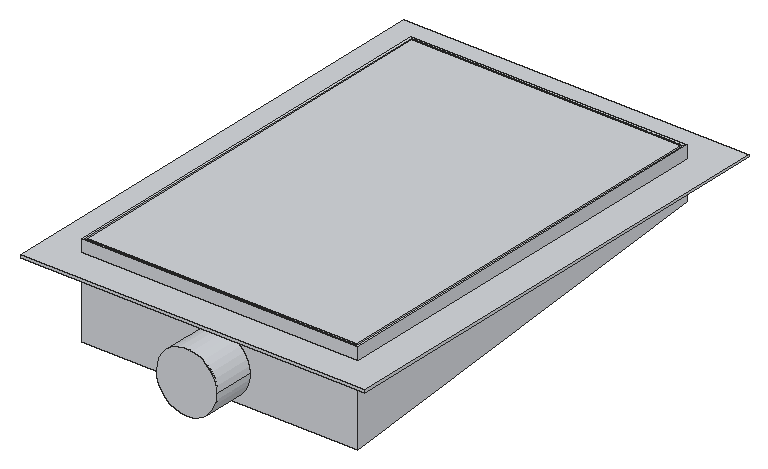
Revit family "Normentwässerungswanne Abgang seitlich", category Sanitärinstallationen, Revit 2020
Family settings
  Bemaßung runder Anschluss = Durchmesser verwenden
  Teiletyp = Normal
  Arbeitsebenenbasiert = Nein
  Immer vertikal = Ja
  Beim Laden mit Abzugskörper schneiden = Nein
  Gemeinsam genutzt = Nein
  Raumberechnungspunkt = Nein
Parameters (values of type "RS756.606.406W ohne Sifon")
  Vorgabe-Ansicht = 0 mm
  URL = "https://www.resitec.ch/"
  RS_yrohr [instance] = 80 mm  # constant formula
  RS_xrohr [instance] = B / 2  # 203 mm
  RS_s1 = 3 mm  # constant formula
  RS_habgang [instance] = RS_DN1d / 2  # 44.45 mm
  RS_hKR [instance] = H Kleberand  # 20 mm
  RS_dim001 = 5 mm  # constant formula
  RS_bKR [instance] = B Kleberand  # 50 mm
  RS_URL = ""
  RS_Manufacture = "Resitec"  # constant formula
  RS_Lrohr [instance] = L Rohr  # 60 mm
  RS_KRon [instance] = Kleberand  # yes
  RS_Description [instance] = ""
  RS_DN1d [instance] = if(RS_DN < 61 mm, 63.5 mm, if(RS_DN < 71 mm, 74.5 mm, if(RS_DN < 81 mm, 88.9 mm, 110 mm)))  # 88.9 mm
  RS_DN [instance] = DN  # 80 mm
  RS_Articelnumber [instance] = ""
  Lüftungsverbindung = no
  L Rohr [instance] = 60 mm  # constant formula
  L [instance] = 606 mm
  Kleberand [instance] = yes
  KW-Verbindung = no
  HW-Verbindung = no
  H Kleberand [instance] = 20 mm  # constant formula
  H [instance] = if(RS_DN = 80 mm, 135 mm, 160 mm)  # 135 mm
  G [instance] = if(RS_DN = 80 mm, 142 mm, 158 mm)  # 142 mm
  F [instance] = if(RS_DN = 80 mm, 91 mm, 105 mm)  # 91 mm
  E [instance] = if(RS_DN = 80 mm, 75 mm, 80 mm)  # 75 mm
  DN [instance] = 80 mm
  Besandet [instance] = yes
  Baugruppenkennzeichen = "D2030300"
  B Kleberand [instance] = 50 mm  # constant formula
  B [instance] = 406 mm
  Abwasserrohrverbindung = yes
Types (4, lengths in mm): name | RS_xrohr | RS_habgang | RS_DN1d | RS_DN | L | H | G | F | E | DN | B
  (no name) | 203 | 44.45 | 88.9 | 80 | 606 | 135 | 142 | 91 | 75 | 80 | 406
  RS756.606.406W ohne Sifon | 203 | 44.45 | 88.9 | 80 | 606 | 135 | 142 | 91 | 75 | 80 | 406
  RS756.806.506W ohne Sifon | 253 | 55 | 110 | 100 | 806 | 160 | 158 | 105 | 80 | 100 | 506
  RS756.1200.600W ohne Sifon | 300 | 55 | 110 | 100 | 1200 | 160 | 158 | 105 | 80 | 100 | 600
Reference planes
  plane 1 "Mitte (Vorne/hinten)": y = 0
  plane 2: z = 0
  plane 3 "Mitte (Links/rechts)": x = 0
  plane 4 "back": y = 303
  plane 5 "abgangseitlich": y = -303
  plane 6: x = -203
  plane 7: x = 203
  plane 8 "Ground": z = -135
  plane 9: y = 353
  plane 10: x = 253
  plane 11: y = -353
  plane 12: x = -253
  plane 13 "Kleberand": z = -20
  plane 14 "enderohr": z = -91
  plane 15: x = 0
  plane 16: y = -223
  plane 17: z = -9.383
  plane 18: y = -363
  plane 19: z = -233
  plane 20: z = -75
Forms (mm)
  Extrusion 1, solid
    sketch origin (0, 0, 0) x (1, 0, 0) y (0, 1, 0)
      loop
        line (-203, 303) -> (-203, -303) -> (203, -303) -> (203, 303) -> (-203, 303)
      loop
        line (-200, 300) -> (-200, -300) -> (200, -300) -> (200, 300) -> (-200, 300)
    from -20 to 0
  Extrusion 2, solid, visible <- "Kleberand"
    sketch origin (0, 0, -20) x (-1, 0, 0) y (0, -1, 0)
      loop
        line (253, -353) -> (253, 353) -> (-253, 353) -> (-253, -353) -> (253, -353)
      loop
        line (203, -303) -> (203, 303) -> (-203, 303) -> (-203, -303) -> (203, -303)
    from 0 to 3 <- "RS_s1"
  Extrusion 3, solid
    sketch origin (0, 0, 0) x (1, 0, 0) y (0, 1, 0)
      loop
        line (-198, 298) -> (-198, -298) -> (198, -298) -> (198, 298) -> (-198, 298)
    from -9.383 to 0
  Extrusion 4, solid
    sketch origin (-152.819, -303, 0) x (-1, 0, 0) y (0, 0, 1)
      loop
        circle (-152.819, -91) r 44.45
    from 80 to -60
  Blend 5, solid
    base sketch origin (0, -303, 0) x (-1, 0, 0) y (0, 0, 1)
      loop
        line (203, -20) -> (-203, -20) -> (-203, -75) -> (203, -75) -> (203, -20)
    top sketch origin (0, -303, 0) x (-1, 0, 0) y (0, 0, 1)
      loop
        line (203, -20) -> (-203, -20) -> (-203, -135) -> (203, -135) -> (203, -20)
    from 606 to 0
Dimensions and locks
  equal spacing: plane 6, plane 3 "Mitte (Links/rechts)", plane 7
  equal spacing: plane 4 "back", plane 1 "Mitte (Vorne/hinten)", plane 5 "abgangseitlich"
  "B": plane 6 to plane 7
  "L": plane 4 "back" to plane 5 "abgangseitlich"
  "H": level to plane 8 "Ground"
  "RS_bKR": plane 9 to plane 4 "back"
  "RS_bKR": plane 7 to plane 10
  "RS_bKR": plane 5 "abgangseitlich" to plane 11
  "RS_bKR": plane 12 to plane 6
  "RS_yrohr": plane 16 to plane 5 "abgangseitlich"
  "RS_hKR": level to plane 13 "Kleberand"
  "RS_xrohr": plane 6 to plane 15
  "RS_dim001": plane 4 "back" to Extrusion 3 sketch curve
  "RS_dim001": Extrusion 3 sketch curve to plane 5 "abgangseitlich"
  "RS_dim001": Extrusion 3 sketch curve to plane 7
  "RS_dim001": plane 6 to Extrusion 3 sketch curve
  locked: level to plane 17 at 9.383
  "RS_Lrohr": plane 5 "abgangseitlich" to plane 18
  "F": level to plane 14 "enderohr"
  "G": plane 14 "enderohr" to plane 19
  "E": level to plane 20
  "RS_s1": plane 4 "back" to Extrusion 1 sketch curve
  "RS_s1": Extrusion 1 sketch curve to plane 7
  "RS_s1": Extrusion 1 sketch curve to plane 5 "abgangseitlich"
  "RS_s1": plane 6 to Extrusion 1 sketch curve
  "RS_DN1d": diameter of Extrusion 4 sketch curve
  aligned and locked: level to plane 2
  aligned and locked: Extrusion 1 sketch curve to plane 4 "back"
  aligned and locked: plane 5 "abgangseitlich" to Extrusion 1 sketch curve
  aligned and locked: Extrusion 1 sketch curve to plane 7
  aligned and locked: plane 6 to Extrusion 1 sketch curve
  aligned and locked: level to Extrusion 1
  aligned and locked: Extrusion 2 sketch curve to plane 9
  aligned and locked: plane 12 to Extrusion 2 sketch curve
  aligned and locked: Extrusion 2 sketch curve to plane 10
  aligned and locked: Extrusion 2 sketch curve to plane 11
  aligned and locked: level to Extrusion 3
  aligned and locked: Extrusion 3 to plane 17
  aligned and locked: plane 2 to Extrusion 3
  aligned and locked: Extrusion 4 to plane 18
  aligned and locked: Extrusion 4 to plane 16
  aligned and locked: Extrusion 1 to plane 13 "Kleberand"
  aligned and locked: Blend 5 sketch curve to Extrusion 1
  aligned and locked: Blend 5 sketch curve to plane 6
  aligned and locked: Blend 5 sketch curve to plane 20
  aligned and locked: plane 7 to Blend 5 sketch curve  (x2)
  aligned and locked: Blend 5 sketch curve to var sketch  (x2)
  aligned and locked: Blend 5 sketch curve to plane 8 "Ground"
  aligned and locked: plane 4 "back" to Blend 5
  aligned and locked: Blend 5 to plane 5 "abgangseitlich"
Automatic sketch dimensions
  Extrusion 4 sketch curve to plane 14 "enderohr" = 0 mm
  Extrusion 4 sketch curve to plane 15 = 0 mm
  Extrusion 2 sketch curve to plane 5 "abgangseitlich" = 0 mm
  Extrusion 2 sketch curve to plane 7 = 0 mm
  Extrusion 2 sketch curve to plane 4 "back" = 0 mm
  Extrusion 2 sketch curve to plane 6 = 0 mm
Connectors
  piping at (0, -363, -91), diameter 80, driven by "RS_DN"
    settings: on Extrusion 4, index 1, connector inside diameter 609.6 mm, connector length 0 mm, flow factor 0, pipe flow 0.0 L/s, pressure drop 0.0 Pa, fitting loss kfactor 0, connector angle 0.00°, fixture units 0, engagement length 0 mm, angle of deflection 0.00°, flow configuration 0, flow direction 2, fitting loss method 0, system type 16, joint type 0, gender type 0, connector reference index -1, connector utility 0, adjustable connector yes, is connector primary yes, connector description ""
